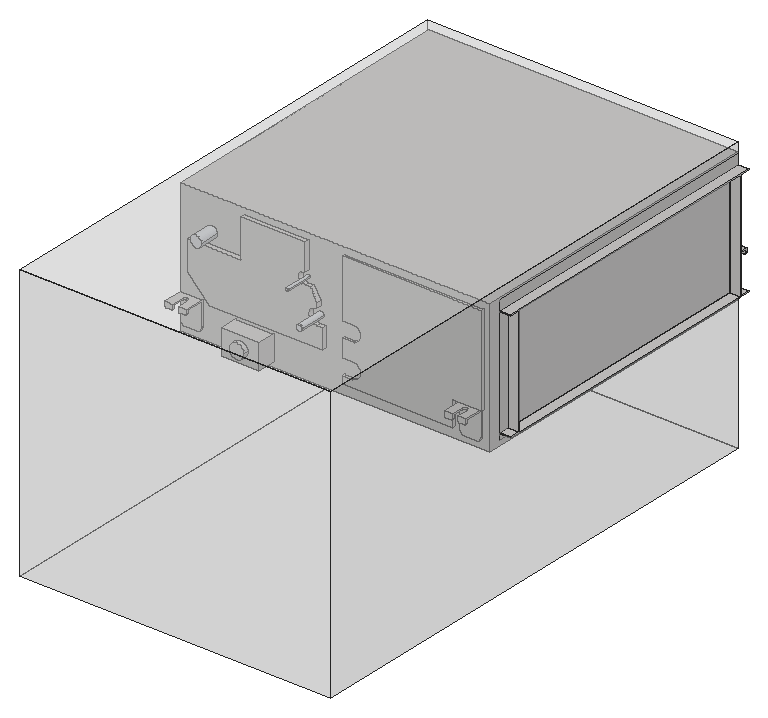
Revit family "outputfile", category 機械設備, Revit 2024
Family settings
  丸型コネクタ寸法 = 半径を使用
  パーツ タイプ = 標準
  OmniClass 番号 = 23.75.10.24.21.27.27
  OmniClass タイトル = Split System Air Conditioning Units
  作業面ベース = いいえ
  常に垂直 = はい
  ロード時にボイドで切り取り = いいえ
  注釈の向きを維持 = いいえ
  共有 = いいえ
  部屋計算ポイント = はい
Parameters (values of type "FXMQ40PAV4")
  Description = ""
  製造元 = "Daikin"
  書き出し IFC クラス(タイプ) = "IfcUnitaryEquipmentType"
  定義済み IFC タイプ(タイプ) = "AIRCONDITIONINGUNIT"
  Cost = 0
  モデル = "FXMQ40PAV4"
  Type Comments = ""
  Keynote = ""
  Type Image = (empty or 0)
  Assembly Code = ""
  r_Liquid Pipe Size = Liquid Pipe Size / 2  # 3.2 mm
  r_Gas Pipe Size = Gas Pipe Size / 2  # 6.35 mm
  r_Drain Pipe Size = Drain Pipe Size / 2  # 12.5 mm
  lw_power = 396.0 mm  # constant formula
  lh_SA = 165.0 mm  # constant formula
  lw_SA = if(Depth = 550.0 mm, 210.0 mm, if(Depth = 700.0 mm, 285.0 mm, if(Depth = 1000.0 mm, 435.0 mm, 635.0 mm)))  # 285.0 mm
  lw_RA = if(Depth = 550.0 mm, 288.0 mm, if(Depth = 700.0 mm, 363.0 mm, if(Depth = 1000.0 mm, 513.0 mm, 713.0 mm)))  # 363.0 mm
  lh_power = 60.0 mm + [h***]  # 60.0 mm
  lh_mountinghole1 = lh_mountinghole + [h***]  # 80.0 mm
  lh_RA = 150.0 mm  # constant formula
  ld_power = Depth / 2  # 350.0 mm
  Voltage_comment_60Hz = "220"
  Voltage_comment_50Hz = "220-240"
  Voltage_60Hz = 220 V
  Voltage_50Hz = 220 V
  URL = ""
  Supply Air Direction [instance] = yes
  Sound Power Level_H speed (dB) = 57
  Phase_60Hz = 1
  Phase_50Hz = 1
  Minimum External Static Pressure = 50.00 Pa
  Minimum Circuit Amps_60Hz = 1.4 A
  Minimum Circuit Amps_50Hz = 1.4 A
  Maximum Fuse Amps_60Hz = 16.0 A
  Maximum Fuse Amps_50Hz = 16.0 A
  Maximum External Static Pressure = 160.00 Pa
  Material_Casing = DAIKIN_GalvanizedSteel_Casing_indoorunit
  lw_mountinghole = 631.0 mm  # constant formula
  lh_gaspipe = 144.0 mm + [h***]  # 144.0 mm
  lh_mountinghole = 80.0 mm  # constant formula
  lh_liquidpipe = 212.0 mm + [h***]  # 212.0 mm
  lh_drainpipe = 232.0 mm + [h***]  # 232.0 mm
  lh_antena = Height - lh_mountinghole + 1.0 mm  # 221.0 mm
  ld_drainpipe = Depth / 2 + 54.0 mm  # 404.0 mm
  ld_liquidpipe = 410.0 mm
  ld_gaspipe = 410.0 mm
  ld_mountinghole = Depth + 38.0 mm  # 738.0 mm
  h*** = 0.0 mm  # constant formula
  lw_liquidpipe = 290.0 mm  # constant formula
  lw_gaspipe = 318.0 mm  # constant formula
  lw_drainpipe = 80.0 mm  # constant formula
  Width = 700.0 mm
  Version = "ver.1.0"
  Unit Type = "Middle-High Static Pressure Duct Type"
  Unit Mass Weight = 27.00 kg
  Unit Designation [instance] = ""
  Uniclass2015Version = "Products v1.30"
  Uniclass2015Title = "Variable refrigerant flow units"
  Uniclass2015Code = "Pr_70_65_03_94"
  Total Heating Capacity [instance] = 0.000 kW
  Total Cooling Capacity [instance] = 0.000 kW
  Sound Pressure Level_M speed (dBA) = 0
  Sound Pressure Level_L speed (dBA) = 35
  Sound Pressure Level_H speed (dBA) = 39
  Series = "VRV Fan Coil Unit"
  Sensible Cooling Capacity [instance] = 0.000 kW
  SA Duct Size Width = if(Depth = 550.0 mm, 310.0 mm, if(Depth = 700.0 mm, 460.0 mm, if(Depth = 1000.0 mm, 760.0 mm, 1160.0 mm)))  # 460.0 mm
  SA Duct Size Height = 215.0 mm
  Refrigerant Type = "R410A"
  RA Duct Size Width = if(Depth = 550.0 mm, 475.0 mm, if(Depth = 700.0 mm, 625.0 mm, if(Depth = 1000.0 mm, 925.0 mm, 1325.0 mm)))  # 625.0 mm
  RA Duct Size Height = 247.0 mm
  Power Input (Heating) = 0.182 kW
  Power Input (Cooling) = 0.194 kW
  Option Accessory 3 [instance] = ""
  Option Accessory 2 [instance] = ""
  Option Accessory 1 [instance] = ""
  Nominal Heating Capacity = 5.000 kW
  Nominal Cooling Capacity = 4.500 kW
  Minimum Airflow = 660.00 m³/h
  Median Airflow = 780.00 m³/h
  Maximum Airflow = 960.00 m³/h
  Load Classification = HVAC
  Liquid Pipe Size = 6.4 mm
  Link_Nested Family [instance] = ""
  IfcVersion = "0"
  IfcExportType = "AIRCONDITIONINGUNIT"
  IfcExportAs = "IfcUnitaryEquipmentType"
  Height = 300.0 mm
  Heating Entering Wet Bulb Temperature [instance] = 0.00 °C
  Heating Entering Dry Bulb Temperature [instance] = 0.00 °C
  Heating Ambient Wet Bulb Temperature [instance] = 0.00 °C
  Heating Ambient Dry Bulb Temperature [instance] = 0.00 °C
  Heat Exchanger Type = "Cross Fin Coil"
  Gas Pipe Size = 12.7 mm
  Frequency_60Hz = 60 Hz
  Frequency_50Hz = 50 Hz
  Fan Type = "Sirocco Fan"
  Fan Drive = "Direct Drive"
  FCU Tag No. [instance] = ""
  Drain Pipe Size = 25.0 mm
  Design Supply Airflow [instance] = 0.00 m³/h
  Design Return Airflow [instance] = 0.00 m³/h
  Design External Static Pressure [instance] = 0.00 Pa
  Depth = 700.0 mm
  既定の高さ = 0.0 mm
  Cooling Entering Wet Bulb Temperature [instance] = 0.00 °C
  Cooling Entering Dry Bulb Temperature [instance] = 0.00 °C
  Cooling Ambient Wet Bulb Temperature [instance] = 0.00 °C
  Cooling Ambient Dry Bulb Temperature [instance] = 0.00 °C
  Clearance visibility [instance] = yes
  Clearance Top = 20.0 mm
  Clearance Right = 0.0 mm
  Clearance Rear = 0.0 mm
  Clearance Left = 0.0 mm
  Clearance Front = 450.0 mm
  Clearance Bottom = 300.0 mm
Reference planes
  plane 1 "Center (Front/Back)": y = 0
  plane 2 "h": z = 0
  plane 3 "Center (Left/Right)": x = 0
  plane 4 "Back": y = 350
  plane 5 "Front": y = -350
  plane 6 "Left": x = -350
  plane 7 "Reight": x = 350
  plane 8 "Top": z = 0
  plane 9 "Bottom": z = -300
  plane 10: y = -215
  plane 11: y = 350
  plane 12: y = -800
  plane 13: x = -350
  plane 14: x = 350
  plane 15: z = 20
  plane 16: z = -600
  plane 17: x = -350
  plane 18: z = -135
  plane 19: x = -349
  plane 20: x = 349
  plane 21: y = 65
  plane 22: y = 13
  plane 23: z = -150
  plane 24: y = -360.8
  plane 25: z = -14
  plane 26: z = -219
  plane 27: x = -324
  plane 28: x = -60
  plane 29: x = -20
  plane 30: z = -156
  plane 31: x = -32
  plane 32: z = -88
  plane 33: x = 23
  plane 34: x = 335
  plane 35: z = -15.8
  plane 36: z = -274.8
  plane 37: z = -219.8
  plane 38: x = 271
  plane 39: x = -223.3
  plane 40: x = -138.3
  plane 41: z = -232.7
  plane 42: z = -288.5
  plane 43: y = -391
  plane 44: x = -181
  plane 45: z = -260
  plane 46: y = -401
  plane 47: z = -163.8
  plane 48: z = -239.8
  plane 49: x = 46
  plane 50: z = -88
  plane 51: x = -60
  plane 52: y = -410
  plane 53: z = -156
  plane 54: x = -32
  plane 55: y = -404
  plane 56: z = -68
  plane 57: x = -270
  plane 58: x = -270
  plane 59: x = -60
  plane 60: x = -32
  plane 61: x = 46
  plane 62: x = -323
  plane 63: x = 308
  plane 64: y = -369
  plane 65: y = 369
  plane 66: z = -220
  plane 67: y = -356
  plane 68: x = -204
  plane 69: z = -100.2
  plane 70: x = -374
  plane 71: x = 374
Forms (mm)
  Extrusion 1, solid, material "DAIKIN_GalvanizedSteel_Casing_indoorunit" <- "Material_Casing"
    sketch origin (0, 0, 0) x (1, 0, 0) y (0, 1, 0)
      loop
        line (-349, 350) -> (-349, -350) -> (349, -350) -> (349, 350) -> (-349, 350)
    from -300 to 0
  Extrusion 2, solid, material "DAIKIN_GalvanizedSteel_Casing_indoorunit" <- "Material_Casing"
    sketch origin (0, 0, 0) x (1, 0, 0) y (0, 0, 1)
      loop
        line (-324, -100.2) -> (-324, -168) -> (-273, -219) -> (-20, -219) -> (-20, -173.5) -> (-32, -173.5)
        arc (-32, -173.5) -> (-49.5, -156) -> (-32, -138.5) r 17.5
        line (-32, -138.5) -> (-32, -127.5) -> (-47, -101) -> (-60, -101)
        arc (-60, -101) -> (-73, -88) -> (-60, -75) r 13
        line (-60, -75) -> (-60, -14) -> (-204, -14) -> (-204, -100.2) -> (-324, -100.2)
    from 350 to 360.8
  Extrusion 3, solid, material "DAIKIN_GalvanizedSteel_Casing_indoorunit" <- "Material_Casing"
    sketch origin (0, 0, 0) x (1, 0, 0) y (0, 0, 1)
      loop
        line (23, -274.8) -> (271, -274.8) -> (271, -219.8) -> (335, -219.8) -> (335, -15.8) -> (23, -15.8) -> (23, -146.3) -> (46, -146.3)
        arc (46, -146.3) -> (63.5, -163.8) -> (46, -181.3) r 17.5
        line (46, -181.3) -> (23, -181.3) -> (23, -222.3) -> (46, -222.3)
        arc (46, -222.3) -> (63.5, -239.8) -> (46, -257.3) r 17.5
        line (46, -257.3) -> (23, -257.3) -> (23, -274.8)
    from 350 to 356
  Extrusion 4, solid, material "DAIKIN_GalvanizedSteel_Casing_indoorunit" <- "Material_Casing"
    sketch origin (0, 0, 0) x (1, 0, 0) y (0, 0, 1)
      loop
        line (-223.3, -232.7) -> (-223.3, -288.5) -> (-138.3, -288.5) -> (-138.3, -232.7) -> (-223.3, -232.7)
    from 350 to 391
  Extrusion 5, solid, material "DAIKIN_GalvanizedSteel_Casing_indoorunit" <- "Material_Casing"
    sketch origin (0, 0, 0) x (1, 0, 0) y (0, 0, 1)
      loop
        circle (-181, -260) r 16.5
    from 391 to 401
  Extrusion 6, solid
    sketch origin (0, 0, 0) x (1, 0, 0) y (0, 0, 1)
      loop
        circle (-60, -88) r 3.2
    from 350 to 410
  Extrusion 7, solid
    sketch origin (0, 0, 0) x (1, 0, 0) y (0, 0, 1)
      loop
        circle (-32, -156) r 6.35
    from 350 to 410
  Extrusion 8, solid
    sketch origin (0, 0, 0) x (1, 0, 0) y (0, 0, 1)
      loop
        circle (-270, -68) r 12.5
    from 360.8 to 404
Dimensions and locks
  "Height": plane 8 "Top" to plane 9 "Bottom"
  equal spacing: plane 4 "Back", plane 1 "Center (Front/Back)", plane 5 "Front"
  "Depth": plane 4 "Back" to plane 5 "Front"
  equal spacing: plane 6 "Left", plane 3 "Center (Left/Right)", plane 7 "Reight"
  "Width": plane 6 "Left" to plane 7 "Reight"
  "Clearance Left": plane 13 to plane 6 "Left"
  "Clearance Right": plane 7 "Reight" to plane 14
  "Clearance Rear": plane 11 to plane 4 "Back"
  "Clearance Front": plane 5 "Front" to plane 12
  "Clearance Top": plane 15 to plane 8 "Top"
  "Clearance Bottom": plane 9 "Bottom" to plane 16
  "lh_SA": plane 18 to plane 9 "Bottom"
  locked: plane 17 to plane 19 at 1
  locked: plane 20 to plane 14 at 1
  "lw_SA": plane 11 to plane 21
  "lw_RA": plane 22 to plane 5 "Front"
  "lh_RA": plane 23 to plane 9 "Bottom"
  locked: plane 5 "Front" to plane 24 at 10.8
  plane 29 to plane 28 to plane 27 to plane 6 "Left" = 40.0 mm, 264.0 mm, 26.0 mm
  locked: plane 31 to plane 6 "Left" at 318
  plane 34 to plane 33 to plane 6 "Left" = 312.0 mm locked, 373.0 mm locked
  locked: plane 34 to plane 38 at 64
  locked: plane 37 to plane 36 at 55
  plane 40 to plane 39 to plane 6 "Left" = 85.0 mm locked, 126.7 mm locked
  locked: plane 5 "Front" to plane 43 at 41
  locked: plane 44 to plane 6 "Left" at 169
  locked: plane 43 to plane 46 at 10
  plane 47 to plane 48 to plane 36 = 76.0 mm locked, 35.0 mm locked
  locked: plane 49 to plane 33 at 23
  "lw_liquidpipe": plane 51 to plane 6 "Left"
  "lh_liquidpipe": plane 50 to plane 9 "Bottom"
  "lh_gaspipe": plane 53 to plane 9 "Bottom"
  "lw_gaspipe": plane 54 to plane 6 "Left"
  "ld_gaspipe": plane 52 to plane 1 "Center (Front/Back)"
  "ld_drainpipe": plane 55 to plane 1 "Center (Front/Back)"
  "lh_drainpipe": plane 56 to plane 9 "Bottom"
  "lw_drainpipe": plane 57 to plane 6 "Left"
  "lw_drainpipe": plane 6 "Left" to plane 58
  "lw_liquidpipe": plane 6 "Left" to plane 59
  "lw_gaspipe": plane 6 "Left" to plane 60
  "lw_power": plane 6 "Left" to plane 61
  plane 17 to plane 62 = 27.0 mm
  "lw_mountinghole": plane 62 to plane 63
  equal spacing: plane 64, plane 1 "Center (Front/Back)", plane 65
  "ld_mountinghole": plane 65 to plane 64
  "lh_mountinghole": plane 66 to plane 9 "Bottom"
  plane 8 "Top" to plane 41 to plane 42 = 232.7 mm locked, 55.8 mm locked
  locked: plane 8 "Top" to plane 45 at 260
  plane 8 "Top" to plane 25 to plane 26 = 14.0 mm locked, 205.0 mm locked
  plane 8 "Top" to plane 32 to plane 30 = 88.0 mm locked, 68.0 mm locked
  plane 8 "Top" to plane 35 to plane 36 = 15.8 mm locked, 259.0 mm locked
  locked: plane 5 "Front" to plane 67 at 6
  locked: plane 25 to plane 69 at 86.2
  locked: plane 27 to plane 68 at 120
  locked: plane 70 to plane 6 "Left" at 24
  locked: plane 14 to plane 71 at 24
  "r_Liquid Pipe Size": radius of Extrusion 6 sketch curve
  "r_Gas Pipe Size": radius of Extrusion 7 sketch curve
  "r_Drain Pipe Size": radius of Extrusion 8 sketch curve
  aligned and locked: level to plane 2 "h"
  aligned and locked: plane 8 "Top" to Extrusion 1
  aligned and locked: Extrusion 1 to plane 9 "Bottom"
  aligned and locked: nested 5 to plane 12
  aligned and locked: plane 13 to nested 5
  aligned and locked: plane 14 to nested 5
  aligned and locked: nested 5 to plane 13
  aligned and locked: plane 11 to nested 5
  aligned and locked: plane 15 to nested 5
  aligned and locked: plane 16 to nested 5
  aligned and locked: plane 5 "Front" to Extrusion 1 sketch curve
  aligned and locked: Extrusion 1 to plane 19
  aligned and locked: plane 20 to Extrusion 1
  aligned and locked: nested 7 to plane 19
  aligned and locked: nested 7 to plane 21
  aligned and locked: plane 18 to nested 7
  aligned and locked: plane 20 to nested 8
  aligned and locked: plane 22 to nested 8
  aligned and locked: plane 23 to nested 8
  aligned and locked: Extrusion 2 to plane 24
  aligned and locked: plane 5 "Front" to Extrusion 2
  aligned and locked: plane 36 to Extrusion 3 sketch curve
  aligned and locked: plane 38 to Extrusion 3 sketch curve
  aligned and locked: plane 37 to Extrusion 3 sketch curve
  aligned and locked: Extrusion 3 sketch curve to plane 34
  aligned and locked: Extrusion 3 sketch curve to plane 35
  aligned and locked: Extrusion 3 sketch curve to plane 33
  aligned and locked: plane 5 "Front" to Extrusion 3
  aligned and locked: Extrusion 4 sketch curve to plane 41
  aligned and locked: Extrusion 4 sketch curve to plane 39
  aligned and locked: plane 42 to Extrusion 4 sketch curve
  aligned and locked: plane 40 to Extrusion 4 sketch curve
  aligned and locked: Extrusion 4 to plane 43
  aligned and locked: plane 5 "Front" to Extrusion 4
  aligned and locked: Extrusion 5 sketch curve to plane 44
  aligned and locked: plane 45 to Extrusion 5 sketch curve
  aligned and locked: Extrusion 5 to plane 46
  aligned and locked: plane 43 to Extrusion 5
  aligned and locked: Extrusion 6 sketch curve to plane 51
  aligned and locked: plane 50 to Extrusion 6 sketch curve
  aligned and locked: Extrusion 6 to plane 52
  aligned and locked: plane 5 "Front" to Extrusion 6
  aligned and locked: Extrusion 7 sketch curve to plane 54
  aligned and locked: plane 53 to Extrusion 7 sketch curve
  aligned and locked: Extrusion 7 to Extrusion 6
  aligned and locked: plane 5 "Front" to Extrusion 7
  aligned and locked: Extrusion 8 sketch curve to plane 57
  aligned and locked: plane 56 to Extrusion 8 sketch curve
  aligned and locked: Extrusion 8 to plane 55
  aligned and locked: plane 24 to Extrusion 8
  aligned and locked: nested 3 to plane 55
  aligned and locked: plane 58 to nested 3
  aligned and locked: nested 2 to plane 59
  aligned and locked: nested 2 to plane 52
  aligned and locked: nested 1 to plane 60
  aligned and locked: Extrusion 7 to plane 52
  aligned and locked: nested 1 to plane 52
  aligned and locked: nested 6 to plane 5 "Front"
  aligned and locked: nested 6 to plane 61
  aligned and locked: plane 62 to nested 10
  aligned and locked: nested 10 to plane 5 "Front"
  aligned and locked: plane 63 to nested 9
  aligned and locked: nested 9 to plane 5 "Front"
  aligned and locked: nested 11 to plane 62
  aligned and locked: plane 4 "Back" to nested 11
  aligned and locked: nested 12 to plane 63
  aligned and locked: plane 4 "Back" to nested 12
  aligned and locked: plane 66 to nested 10
  aligned and locked: plane 66 to nested 11
  aligned and locked: plane 66 to nested 9
  aligned and locked: plane 66 to nested 12
  aligned and locked: plane 62 to nested 14
  aligned and locked: nested 14 to plane 65
  aligned and locked: plane 63 to nested 13
  aligned and locked: nested 13 to plane 65
  aligned and locked: plane 63 to nested 16
  aligned and locked: plane 64 to nested 16
  aligned and locked: plane 64 to nested 15
  aligned and locked: plane 62 to nested 15
  aligned and locked: Extrusion 3 to plane 67
  aligned and locked: Extrusion 2 sketch curve to plane 68
  aligned and locked: plane 69 to Extrusion 2 sketch curve
  aligned and locked: nested 17 to plane 21
  aligned and locked: nested 17 to plane 70
  aligned and locked: plane 18 to nested 17
  aligned and locked: plane 22 to nested 18
  aligned and locked: plane 71 to nested 18
  aligned and locked: nested 18 to plane 23
  aligned and locked: nested 4 to plane 3 "Center (Left/Right)"
  aligned and locked: plane 1 "Center (Front/Back)" to nested 4
  aligned and locked: level to plane 8 "Top"
Automatic sketch dimensions
  plane 6 "Left" to Extrusion 1 sketch curve = 1.0 mm
  Extrusion 1 sketch curve to plane 7 "Reight" = 1.0 mm
  Extrusion 1 sketch curve to plane 4 "Back" = 0.0 mm
  Extrusion 3 sketch curve to plane 33 = 0.0 mm  (x2)
  Extrusion 3 sketch curve to plane 47 = 0.0 mm
  Extrusion 3 sketch curve to plane 49 = 0.0 mm  (x4)
  Extrusion 3 sketch curve to plane 48 = 0.0 mm
  Extrusion 3 sketch curve to plane 37 = 2.5 mm
  plane 23 to Extrusion 3 sketch curve = 3.7 mm
  plane 27 to Extrusion 2 sketch curve = 0.0 mm
  Extrusion 2 sketch curve to plane 26 = 0.0 mm
  Extrusion 2 sketch curve to plane 28 = 0.0 mm
  Extrusion 2 sketch curve to plane 31 = 0.0 mm
  Extrusion 2 sketch curve to plane 29 = 0.0 mm
  Extrusion 2 sketch curve to plane 30 = 0.0 mm
  Extrusion 2 sketch curve to plane 32 = 0.0 mm
  Extrusion 2 sketch curve to plane 25 = 0.0 mm
  Extrusion 2 sketch curve to Extrusion 2 sketch curve = 13.0 mm
  Extrusion 2 sketch curve to Extrusion 2 sketch curve = 17.5 mm
  plane 18 to Extrusion 2 sketch curve = 7.5 mm
  Extrusion 2 sketch curve to plane 58 = 3.0 mm
  Extrusion 2 sketch curve to plane 30 = 12.0 mm
  Extrusion 2 sketch curve to Extrusion 2 sketch curve = 0.8 mm
  radius of Extrusion 5 sketch curve = 16.5 mm
Nested families
  nested 1: "daikin_connector_rotate2" at (-32, 0, -156), length <- "ld_gaspipe", built-in parameter 1001364 <- "lh_gaspipe", radius <- "r_Gas Pipe Size", type "daikin_connector_rotate2"
    with radius 6.35 mm, length 410.0 mm, angle_vertical 90.00°
  nested 2: "daikin_connector_rotate2" at (-60, 0, -88), length <- "ld_liquidpipe", built-in parameter 1001364 <- "lh_liquidpipe", radius <- "r_Liquid Pipe Size", type "daikin_connector_rotate2"
    with radius 3.2 mm, length 410.0 mm, angle_vertical 90.00°
  nested 3: "daikin_connector_rotate2" at (-270, 0, -68), length <- "ld_drainpipe", built-in parameter 1001364 <- "lh_drainpipe", radius <- "r_Drain Pipe Size", type "daikin_connector_rotate2"
    with radius 12.5 mm, length 404.0 mm, angle_vertical 90.00°
  nested 4: "daikin_△_symbolicline" at (0, 0, 300) x (0, -1, 0) z (0, 0, 1), built-in parameter 1001364 <- "Height", visible <- "Supply Air Direction", type "daikin_△_symbolicline"
    with length 200.0 mm
  nested 5: "daikin_clearancespace" at (0, -225, -289.881), visible <- "Clearance visibility", show <- "Clearance visibility", Link_Nested Family <- "Link_Nested Family", type "daikin_clearancespace"
    with width 700.0 mm, show yes, height 620.0 mm, depth 1150.0 mm, Link_Nested Family ""
  nested 6: "daikin_connector_rotate2" at (46, 0, -240), built-in parameter 1001364 <- "lh_power", length <- "ld_power", type "daikin_connector_rotate2"
    with radius 10.0 mm, length 350.0 mm, angle_vertical 90.00°
  nested 7: "daikin_ductflange_FXMQ-PAV4_2" at (-349, 65, -135) x (0, -1, 0) z (0, 0, 1), type "daikin_ductflange_FXMQ-PAV4_2"
    with width 460.0 mm, w 700.0 mm
  nested 8: "daikin_ductflange_FXMQ-PAV4_1" at (349, 13, -150) x (0, 1, 0) z (0, 0, 1), type "daikin_ductflange_FXMQ-PAV4_1"
    with width 625.0 mm, w 700.0 mm
  nested 9: "daikin_hangerfixture_FXMQ-PAV4" at (308, -350, -220), type "daikin_hangerfixture_FXMQ-PAV4"
  nested 10: "daikin_hangerfixture_FXMQ-PAV4" at (-323, -350, -220), type "daikin_hangerfixture_FXMQ-PAV4"
  nested 11: "daikin_hangerfixture_FXMQ-PAV4" at (-323, 350, -220) x (-1, 0, 0) z (0, 0, 1), type "daikin_hangerfixture_FXMQ-PAV4"
  nested 12: "daikin_hangerfixture_FXMQ-PAV4" at (308, 350, -220) x (-1, 0, 0) z (0, 0, 1), type "daikin_hangerfixture_FXMQ-PAV4"
  nested 13: "daikin_mountinghole" at (308, 369, -300), h_mountinghole <- "lh_mountinghole1", l_antenna <- "lh_antena", Link_Nested Family <- "Link_Nested Family", type "daikin_mountinghole"
    with show yes, l_antenna 221.0 mm, h_mountinghole 80.0 mm, Link_Nested Family ""
  nested 14: "daikin_mountinghole" at (-323, 369, -300), h_mountinghole <- "lh_mountinghole1", l_antenna <- "lh_antena", Link_Nested Family <- "Link_Nested Family", type "daikin_mountinghole"
    with show yes, l_antenna 221.0 mm, h_mountinghole 80.0 mm, Link_Nested Family ""
  nested 15: "daikin_mountinghole" at (-323, -369, -300), h_mountinghole <- "lh_mountinghole1", l_antenna <- "lh_antena", Link_Nested Family <- "Link_Nested Family", type "daikin_mountinghole"
    with show yes, l_antenna 221.0 mm, h_mountinghole 80.0 mm, Link_Nested Family ""
  nested 16: "daikin_mountinghole" at (308, -369, -300), h_mountinghole <- "lh_mountinghole1", l_antenna <- "lh_antena", Link_Nested Family <- "Link_Nested Family", type "daikin_mountinghole"
    with show yes, l_antenna 221.0 mm, h_mountinghole 80.0 mm, Link_Nested Family ""
  nested 17: "daikin_connector_rotate2" at (-350, 65, -135) x (0, -1, 0) z (0, 0, 1), type "daikin_connector_rotate2"
    with radius 10.0 mm, length 24.0 mm, angle_vertical 90.00°
  nested 18: "daikin_connector_rotate2" at (350, 13, -150) x (0, 1, 0) z (0, 0, 1), type "daikin_connector_rotate2"
    with radius 10.0 mm, length 24.0 mm, angle_vertical 90.00°
Connectors
  piping at (-270, -404, -68), diameter 25, driven by "r_Drain Pipe Size"
    settings: on nested 3, index 3, connector inside diameter 609.6 mm, connector length 0.0 mm, flow factor 0, pipe flow 0.00 m³/h, pressure drop 0.0 Pa, fitting loss kfactor 0, connector angle 0.00°, fixture units 0, engagement length 0.0 mm, angle of deflection 0.00°, flow configuration 1, flow direction 2, fitting loss method 4, system type 16, joint type 0, gender type 0, connector reference index -1, connector utility 0, adjustable connector no, is connector primary yes, connector description "Condensate Drain Piping"
  piping at (-32, -410, -156), diameter 12.7, driven by "r_Gas Pipe Size"
    settings: on nested 1, index 4, connector inside diameter 609.6 mm, connector length 0.0 mm, flow factor 0, pipe flow 0.00 m³/h, pressure drop 0.0 Pa, fitting loss kfactor 0, connector angle 0.00°, fixture units 0, engagement length 0.0 mm, angle of deflection 0.00°, flow configuration 1, flow direction 2, fitting loss method 0, system type 29, joint type 0, gender type 0, connector reference index -1, connector utility 0, adjustable connector no, is connector primary no, connector description "Refrigerant Gas Piping"
  piping at (-60, -410, -88), diameter 6.4, driven by "r_Liquid Pipe Size"
    settings: on nested 2, index 5, connector inside diameter 609.6 mm, connector length 0.0 mm, flow factor 0, pipe flow 0.00 m³/h, pressure drop 0.0 Pa, fitting loss kfactor 0, connector angle 0.00°, fixture units 0, engagement length 0.0 mm, angle of deflection 0.00°, flow configuration 1, flow direction 1, fitting loss method 0, system type 29, joint type 0, gender type 0, connector reference index -1, connector utility 0, adjustable connector no, is connector primary no, connector description "Refrigerant Liquid Piping"
  electrical at (46, -350, -240), driven by "Load Classification"
    settings: on nested 6, index 6, voltage 0 V, apparent load 0 VA, apparent load phase1 0 VA, apparent load phase2 0 VA, apparent load phase3 0 VA, power factor 1, load classification "HVAC", number of poles 1, system type 30, power factor state 1, is connector primary yes, connector utility no, sub classification motor no, connector description "Power Supply"
  hvac at (-374, 65, -135), driven by "SA Duct Size Height", driven by "SA Duct Size Width"
    settings: on nested 17, index 7, duct flow 0.00 m³/h, flow factor 0, pres drop 0.00 Pa, loss coef 0, conn angle 0.00°, conn width 460.0 mm, conn height 215.0 mm, conn diameter 609.6 mm, duct sys type 1, conn prof type 1, flow config 0, flow direction 2, loss method 4, conn ref index -1, conn util no, is conn primary yes, conn desc "SA Duct"
  hvac at (374, 13, -150), driven by "RA Duct Size Height", driven by "RA Duct Size Width"
    settings: on nested 18, index 8, duct flow 0.00 m³/h, flow factor 0, pres drop 0.00 Pa, loss coef 0, conn angle 0.00°, conn width 625.0 mm, conn height 247.0 mm, conn diameter 609.6 mm, duct sys type 2, conn prof type 1, flow config 0, flow direction 1, loss method 4, conn ref index -1, conn util no, is conn primary no, conn desc "RA Duct"
Definition of nested family "daikin_clearancespace"
  Parameters (values of type "daikin_clearancespace")
    width [instance] = 1823.963 mm
    show [instance] = yes
    material = none
    height [instance] = 1359.762 mm
    depth [instance] = 880.0 mm
    Default Elevation = 0.0 mm
    Link_Nested Family [instance] = ""
  Reference planes
    plane 1 "Center (Front/Back)": y = 0
    plane 2 "Center (Elevation)": z = -0.119
    plane 3 "Center (Left/Right)": x = 0
    plane 4: y = 440
    plane 5: y = -440
    plane 6 "Right": x = 911.982
    plane 7 "Left": x = -911.982
    plane 8 "Top": z = 679.762
    plane 9 "Bottom": z = -680
  Forms (mm)
    Extrusion 1, solid, material <- "material", visible <- "show"
      sketch origin (0, 0, 0) x (1, 0, 0) y (0, 1, 0)
        loop
          line (-911.982, 440) -> (-911.982, -440) -> (911.982, -440) -> (911.982, 440) -> (-911.982, 440)
      from -680 to 679.762
  Lines and regions (mm)
    symbolic lines, visible <- "show"
      curve 1: line (911.982, 440, 0) -> (-911.982, 440, 0)
      curve 2: line (-911.982, 440, 0) -> (-911.982, -440, 0)
      curve 3: line (-911.982, -440, 0) -> (911.982, -440, 0)
      curve 4: line (911.982, -440, 0) -> (911.982, 440, 0)
      curve 5: line (911.982, 0, 679.762) -> (-911.982, 0, 679.762)
      curve 6: line (911.982, 0, -680) -> (911.982, 0, 679.762)
      curve 7: line (-911.982, 0, -680) -> (911.982, 0, -680)
      curve 8: line (-911.982, 0, 679.762) -> (-911.982, 0, -680)
      curve 9: line (0, 440, 679.762) -> (0, -440, 679.762)
      curve 10: line (0, -440, 679.762) -> (0, -440, -680)
      curve 11: line (0, 440, -680) -> (0, 440, 679.762)
      curve 12: line (0, -440, -680) -> (0, 440, -680)
  Dimensions and locks
    "width": plane 7 "Left" to plane 6 "Right"
    "depth": plane 4 to plane 5
    "height": plane 8 "Top" to plane 9 "Bottom"
    equal spacing: plane 7 "Left", plane 3 "Center (Left/Right)", plane 6 "Right"
    equal spacing: plane 4, plane 1 "Center (Front/Back)", plane 5
    equal spacing: plane 8 "Top", plane 2 "Center (Elevation)", plane 9 "Bottom"
    aligned and locked: level to plane 2 "Center (Elevation)"
    aligned and locked: Extrusion 1 sketch curve to plane 4
    aligned and locked: plane 7 "Left" to Extrusion 1 sketch curve
    aligned and locked: Extrusion 1 sketch curve to plane 5
    aligned and locked: Extrusion 1 sketch curve to plane 6 "Right"
    aligned and locked: plane 8 "Top" to Extrusion 1
    aligned and locked: curve 1 to Extrusion 1
    aligned and locked: curve 2 to Extrusion 1
    aligned and locked: curve 3 to Extrusion 1
    aligned and locked: curve 4 to Extrusion 1
    aligned and locked: curve 5 to Extrusion 1
    aligned and locked: curve 6 to Extrusion 1
    aligned and locked: curve 7 to Extrusion 1
    aligned and locked: curve 8 to Extrusion 1
    aligned and locked: curve 9 to Extrusion 1
    aligned and locked: curve 10 to Extrusion 1
    aligned and locked: curve 11 to Extrusion 1
    aligned and locked: curve 12 to Extrusion 1
    aligned and locked: Extrusion 1 to plane 9 "Bottom"
Definition of nested family "daikin_ductflange_FXMQ-PAV4_2"
  Parameters (values of type "daikin_ductflange_FXDSQ-AVM2")
    width = if(w = 550.0 mm, 310.0 mm, if(w = 700.0 mm, 460.0 mm, if(w = 1000.0 mm, 760.0 mm, 1160.0 mm)))  # 310.0 mm
    material = none
    height = 215.0 mm
    depth = 1.0 mm
    w = 550.0 mm
    Default Elevation = 0.0 mm
  Reference planes
    plane 1 "Center (Front/Back)": y = 0
    plane 2: z = 0
    plane 3 "Center (Left/Right)": x = 0
    plane 4: z = 107.5
    plane 5: z = -107.5
    plane 6: y = -25
    plane 7: z = 132.5
    plane 8: z = 108.5
    plane 9: y = -1
    plane 10: x = -177.5
    plane 11: x = 177.5
    plane 12: z = -132.5
    plane 13: z = -108.5
    plane 14: y = -1
    plane 15: x = 155
    plane 16: x = -155
    plane 17: x = 156
    plane 18: z = 106.5
    plane 19: z = -106.5
    plane 20: x = -156
    plane 21: z = 106.5
    plane 22: z = -106.5
    plane 23: y = -1
  Forms (mm)
    Extrusion 1, solid, material <- "material"
      sketch origin (0, 0, 0) x (0, 1, 0) y (0, 0, 1)
        loop
          line (-25, 107.5) -> (0, 107.5) -> (0, 132.5) -> (-1, 132.5) -> (-1, 108.5) -> (-25, 108.5) -> (-25, 107.5)
      from -177.5 to 177.5
    Extrusion 2, solid, material <- "material"
      sketch origin (0, 0, 0) x (0, 1, 0) y (0, 0, 1)
        loop
          line (-25, -107.5) -> (-25, -108.5) -> (-1, -108.5) -> (-1, -132.5) -> (0, -132.5) -> (0, -107.5) -> (-25, -107.5)
      from -177.5 to 177.5
    Extrusion 3, solid, material <- "material"
      sketch origin (0, 0, 0) x (1, 0, 0) y (0, 0, 1)
        loop
          line (155, 107.5) -> (155, -107.5) -> (177.5, -107.5) -> (177.5, -106.5) -> (156, -106.5) -> (156, 106.5) -> (177.5, 106.5) -> (177.5, 107.5) -> (155, 107.5)
      from 0 to 25
    Extrusion 4, solid, material <- "material"
      sketch origin (0, 0, 0) x (1, 0, 0) y (0, 0, 1)
        loop
          line (-177.5, 107.5) -> (-177.5, 106.5) -> (-156, 106.5) -> (-156, -106.5) -> (-177.5, -106.5) -> (-177.5, -107.5) -> (-155, -107.5) -> (-155, 107.5) -> (-177.5, 107.5)
      from 0 to 25
    Extrusion 5, solid, material <- "material"
      sketch origin (0, 0, 0) x (1, 0, 0) y (0, 0, 1)
        loop
          line (-177.5, 107.5) -> (-177.5, -107.5) -> (-155, -107.5) -> (-155, 107.5) -> (-177.5, 107.5)
        loop
          line (177.5, 107.5) -> (155, 107.5) -> (155, -107.5) -> (177.5, -107.5) -> (177.5, 107.5)
      from 0 to 1
  Cuts and joins
    joined: Extrusion 1, Extrusion 2, Extrusion 3, Extrusion 4, Extrusion 5
  Dimensions and locks
    plane 4 to level to plane 5 = 107.5 mm locked, 107.5 mm locked
    locked: plane 6 to plane 1 "Center (Front/Back)" at 25
    locked: plane 9 to plane 1 "Center (Front/Back)" at 1
    locked: plane 8 to plane 4 at 1
    locked: plane 11 to plane 15 at 22.5
    locked: plane 16 to plane 10 at 22.5
    locked: plane 17 to plane 15 at 1
    locked: plane 4 to plane 18 at 1
    locked: plane 19 to plane 5 at 1
    "width": plane 15 to plane 16
    plane 4 to plane 5 = 215.0 mm
    equal spacing: plane 15, plane 3 "Center (Left/Right)", plane 16
    locked: plane 16 to plane 20 at 1
    locked: plane 4 to plane 21 at 1
    locked: plane 22 to plane 5 at 1
    locked: plane 23 to plane 1 "Center (Front/Back)" at 1
    aligned and locked: level to plane 2
    aligned and locked: Extrusion 1 to plane 10
    aligned and locked: plane 11 to Extrusion 1
    aligned and locked: plane 5 to Extrusion 2
    aligned and locked: Extrusion 2 to plane 1 "Center (Front/Back)"
    aligned and locked: plane 15 to Extrusion 3 sketch curve
    aligned and locked: Extrusion 3 sketch curve to Extrusion 2  (x2)
    aligned and locked: Extrusion 3 sketch curve to plane 11
    aligned and locked: plane 6 to Extrusion 3
    aligned and locked: Extrusion 2 to plane 10
    aligned and locked: plane 11 to Extrusion 2
    aligned and locked: Extrusion 4 sketch curve to Extrusion 1  (x2)
    aligned and locked: plane 5 to Extrusion 4 sketch curve
    aligned and locked: Extrusion 4 sketch curve to plane 16
    aligned and locked: Extrusion 4 sketch curve to plane 22
    aligned and locked: plane 20 to Extrusion 4 sketch curve
    aligned and locked: plane 21 to Extrusion 4 sketch curve
    aligned and locked: Extrusion 4 to plane 1 "Center (Front/Back)"
    aligned and locked: plane 6 to Extrusion 4
    aligned and locked: Extrusion 5 sketch curve to Extrusion 1  (x4)
    aligned and locked: Extrusion 5 sketch curve to Extrusion 4  (x2)
    aligned and locked: Extrusion 5 sketch curve to Extrusion 3  (x2)
    aligned and locked: Extrusion 5 to plane 1 "Center (Front/Back)"
    aligned and locked: plane 23 to Extrusion 5
  Automatic sketch dimensions
    Extrusion 1 sketch curve to plane 6 = 0.0 mm
    Extrusion 1 sketch curve to plane 7 = 0.0 mm
    Extrusion 1 sketch curve to plane 9 = 0.0 mm
    Extrusion 1 sketch curve to plane 1 "Center (Front/Back)" = 0.0 mm
    Extrusion 1 sketch curve to plane 4 = 0.0 mm
    Extrusion 1 sketch curve to plane 8 = 0.0 mm
    Extrusion 2 sketch curve to plane 6 = 0.0 mm
    plane 12 to Extrusion 2 sketch curve = 0.0 mm
    Extrusion 2 sketch curve to plane 14 = 0.0 mm
    Extrusion 2 sketch curve to plane 1 "Center (Front/Back)" = 0.0 mm
    plane 13 to Extrusion 2 sketch curve = 0.0 mm
    Extrusion 2 sketch curve to plane 5 = 0.0 mm
    Extrusion 3 sketch curve to plane 17 = 0.0 mm
    Extrusion 3 sketch curve to plane 19 = 0.0 mm
    Extrusion 3 sketch curve to plane 18 = 0.0 mm
    Extrusion 3 sketch curve to plane 4 = 0.0 mm
    Extrusion 4 sketch curve to plane 10 = 0.0 mm
Definition of nested family "daikin_ductflange_FXMQ-PAV4_1"
  Parameters (values of type "daikin_ductflange_FXDSQ-AVM")
    width = if(w = 550.0 mm, 475.0 mm, if(w = 700.0 mm, 625.0 mm, if(w = 1000.0 mm, 925.0 mm, 1325.0 mm)))  # 475.0 mm
    material = none
    height = 247.0 mm
    depth = 1.0 mm
    w = 550.0 mm
    Default Elevation = 0.0 mm
  Reference planes
    plane 1 "Center (Front/Back)": y = 0
    plane 2: z = 0
    plane 3 "Center (Left/Right)": x = 0
    plane 4: z = 123.5
    plane 5: z = -123.5
    plane 6: y = -25
    plane 7: z = 146.5
    plane 8: z = 124.5
    plane 9: y = -1
    plane 10: x = -260
    plane 11: x = 260
    plane 12: z = -137
    plane 13: z = -124.5
    plane 14: y = -1
    plane 15: x = 237.5
    plane 16: x = -237.5
    plane 17: x = 238.5
    plane 18: z = 122.5
    plane 19: z = -122.5
    plane 20: x = -238.5
    plane 21: z = 122.5
    plane 22: z = -122.5
    plane 23: y = -1
  Forms (mm)
    Extrusion 1, solid, material <- "material"
      sketch origin (0, 0, 0) x (0, 1, 0) y (0, 0, 1)
        loop
          line (-25, 123.5) -> (0, 123.5) -> (0, 146.5) -> (-1, 146.5) -> (-1, 124.5) -> (-25, 124.5) -> (-25, 123.5)
      from -260 to 260
    Extrusion 2, solid, material <- "material"
      sketch origin (0, 0, 0) x (0, 1, 0) y (0, 0, 1)
        loop
          line (-25, -123.5) -> (-25, -124.5) -> (-1, -124.5) -> (-1, -137) -> (0, -137) -> (0, -123.5) -> (-25, -123.5)
      from -260 to 260
    Extrusion 3, solid, material <- "material"
      sketch origin (0, 0, 0) x (1, 0, 0) y (0, 0, 1)
        loop
          line (237.5, 123.5) -> (237.5, -123.5) -> (260, -123.5) -> (260, -122.5) -> (238.5, -122.5) -> (238.5, 122.5) -> (260, 122.5) -> (260, 123.5) -> (237.5, 123.5)
      from 0 to 25
    Extrusion 4, solid, material <- "material"
      sketch origin (0, 0, 0) x (1, 0, 0) y (0, 0, 1)
        loop
          line (-260, 123.5) -> (-260, 122.5) -> (-238.5, 122.5) -> (-238.5, -122.5) -> (-260, -122.5) -> (-260, -123.5) -> (-237.5, -123.5) -> (-237.5, 123.5) -> (-260, 123.5)
      from 0 to 25
    Extrusion 5, solid, material <- "material"
      sketch origin (0, 0, 0) x (1, 0, 0) y (0, 0, 1)
        loop
          line (-260, 123.5) -> (-260, -123.5) -> (-237.5, -123.5) -> (-237.5, 123.5) -> (-260, 123.5)
        loop
          line (260, 123.5) -> (237.5, 123.5) -> (237.5, -123.5) -> (260, -123.5) -> (260, 123.5)
      from 0 to 1
  Cuts and joins
    joined: Extrusion 1, Extrusion 2, Extrusion 3, Extrusion 4, Extrusion 5
  Dimensions and locks
    plane 4 to level to plane 5 = 123.5 mm, 123.5 mm
    locked: plane 6 to plane 1 "Center (Front/Back)" at 25
    locked: plane 9 to plane 1 "Center (Front/Back)" at 1
    locked: plane 8 to plane 4 at 1
    locked: plane 11 to plane 15 at 22.5
    locked: plane 16 to plane 10 at 22.5
    locked: plane 17 to plane 15 at 1
    locked: plane 4 to plane 18 at 1
    locked: plane 19 to plane 5 at 1
    "width": plane 15 to plane 16
    equal spacing: plane 15, plane 3 "Center (Left/Right)", plane 16
    locked: plane 16 to plane 20 at 1
    locked: plane 4 to plane 21 at 1
    locked: plane 22 to plane 5 at 1
    locked: plane 23 to plane 1 "Center (Front/Back)" at 1
    equal spacing: plane 4, level, plane 5
    locked: plane 7 to plane 4 at 23
    locked: plane 5 to plane 12 at 13.5
    locked: plane 1 "Center (Front/Back)" to plane 14 at 1
    locked: plane 5 to plane 13 at 1
    locked: plane 4 to plane 5 at 247
    aligned and locked: level to plane 2
    aligned and locked: Extrusion 1 to plane 10
    aligned and locked: plane 11 to Extrusion 1
    aligned and locked: plane 5 to Extrusion 2
    aligned and locked: Extrusion 2 to plane 1 "Center (Front/Back)"
    aligned and locked: plane 15 to Extrusion 3 sketch curve
    aligned and locked: Extrusion 3 sketch curve to Extrusion 2  (x2)
    aligned and locked: Extrusion 3 sketch curve to plane 11
    aligned and locked: plane 6 to Extrusion 3
    aligned and locked: Extrusion 2 to plane 10
    aligned and locked: plane 11 to Extrusion 2
    aligned and locked: Extrusion 4 sketch curve to Extrusion 1  (x2)
    aligned and locked: plane 5 to Extrusion 4 sketch curve
    aligned and locked: Extrusion 4 sketch curve to plane 16
    aligned and locked: Extrusion 4 sketch curve to plane 22
    aligned and locked: plane 20 to Extrusion 4 sketch curve
    aligned and locked: plane 21 to Extrusion 4 sketch curve
    aligned and locked: Extrusion 4 to plane 1 "Center (Front/Back)"
    aligned and locked: plane 6 to Extrusion 4
    aligned and locked: Extrusion 5 sketch curve to Extrusion 1  (x4)
    aligned and locked: Extrusion 5 sketch curve to Extrusion 4  (x2)
    aligned and locked: Extrusion 5 sketch curve to Extrusion 3  (x2)
    aligned and locked: Extrusion 5 to plane 1 "Center (Front/Back)"
    aligned and locked: plane 23 to Extrusion 5
  Automatic sketch dimensions
    Extrusion 1 sketch curve to plane 6 = 0.0 mm
    Extrusion 1 sketch curve to plane 7 = 0.0 mm
    Extrusion 1 sketch curve to plane 9 = 0.0 mm
    Extrusion 1 sketch curve to plane 1 "Center (Front/Back)" = 0.0 mm
    Extrusion 1 sketch curve to plane 4 = 0.0 mm
    Extrusion 1 sketch curve to plane 8 = 0.0 mm
    Extrusion 2 sketch curve to plane 6 = 0.0 mm
    plane 12 to Extrusion 2 sketch curve = 0.0 mm
    Extrusion 2 sketch curve to plane 14 = 0.0 mm
    Extrusion 2 sketch curve to plane 1 "Center (Front/Back)" = 0.0 mm
    plane 13 to Extrusion 2 sketch curve = 0.0 mm
    Extrusion 2 sketch curve to plane 5 = 0.0 mm
    Extrusion 3 sketch curve to plane 17 = 0.0 mm
    Extrusion 3 sketch curve to plane 19 = 0.0 mm
    Extrusion 3 sketch curve to plane 18 = 0.0 mm
    Extrusion 3 sketch curve to plane 4 = 0.0 mm
    Extrusion 4 sketch curve to plane 10 = 0.0 mm
Definition of nested family "daikin_hangerfixture_FXMQ-PAV4"
  Parameters (values of type "daikin_hangerfixture_FXMQ-PAVE")
    width = 48.0 mm
    material = none
    height = 65.0 mm
    depth = 45.0 mm
    Default Elevation = 0.0 mm
  Reference planes
    plane 1 "Center (Front/Back)": y = 0
    plane 2: z = 0
    plane 3 "Center (Left/Right)": x = 0
    plane 4: y = 417.146
    plane 5: y = -45
    plane 6: x = -24
    plane 7: x = 24
    plane 8: z = -2.3
    plane 9: z = -65
    plane 10: y = -2.3
    plane 11: z = -12
    plane 12: y = -42.7
  Forms (mm)
    Extrusion 1, solid, material <- "material"
      sketch origin (0, 0, 0) x (1, 0, 0) y (0, 1, 0)
        loop
          line (24, 0) -> (-24, 0) -> (-24, -45) -> (-6, -45) -> (-6, -19)
          arc (-6, -19) -> (0, -13) -> (6, -19) r 6
          line (6, -19) -> (6, -45) -> (24, -45) -> (24, 0)
      from 0 to -2.3
    Extrusion 2, solid, material <- "material"
      sketch origin (0, 0, 0) x (1, 0, 0) y (0, 0, 1)
        loop
          line (24, -55) -> (24, 0) -> (-24, 0) -> (-24, -55)
          arc (-24, -55) -> (-21.071, -62.071) -> (-14, -65) r 10
          line (-14, -65) -> (14, -65)
          arc (14, -65) -> (21.071, -62.071) -> (24, -55) r 10
      from 0 to 2.3
    Extrusion 3, solid, material <- "material"
      sketch origin (0, 0, 0) x (1, 0, 0) y (0, 0, 1)
        loop
          line (-6, -9) -> (-6, 0) -> (-24, 0) -> (-24, -9)
          arc (-24, -9) -> (-23.121, -11.121) -> (-21, -12) r 3
          line (-21, -12) -> (-9, -12)
          arc (-9, -12) -> (-6.879, -11.121) -> (-6, -9) r 3
        loop
          line (6, 0) -> (6, -9)
          arc (6, -9) -> (6.879, -11.121) -> (9, -12) r 3
          line (9, -12) -> (21, -12)
          arc (21, -12) -> (23.121, -11.121) -> (24, -9) r 3
          line (24, -9) -> (24, 0) -> (6, 0)
      from 42.7 to 45
  Cuts and joins
    joined: Extrusion 1, Extrusion 2, Extrusion 3
  Dimensions and locks
    "width": plane 6 to plane 7
    "depth": plane 5 to plane 1 "Center (Front/Back)"
    plane 2 to plane 8 = 2.3 mm
    "height": plane 2 to plane 9
    locked: plane 10 to plane 1 "Center (Front/Back)" at 2.3
    locked: plane 2 to plane 11 at 12
    locked: plane 12 to plane 5 at 2.3
    aligned and locked: level to plane 2
    aligned and locked: Extrusion 1 sketch curve to plane 1 "Center (Front/Back)"
    aligned and locked: plane 7 to Extrusion 1
    aligned and locked: Extrusion 1 to plane 6
    aligned and locked: Extrusion 1 to plane 5  (x2)
    aligned and locked: Extrusion 1 to plane 8
    aligned and locked: plane 2 to Extrusion 1
    aligned and locked: plane 2 to Extrusion 2 sketch curve
    aligned and locked: Extrusion 2 to plane 9
    aligned and locked: Extrusion 2 to plane 10
    aligned and locked: Extrusion 2 to plane 1 "Center (Front/Back)"
    aligned and locked: plane 2 to Extrusion 3 sketch curve  (x2)
    aligned and locked: Extrusion 3 to plane 11  (x2)
    aligned and locked: plane 12 to Extrusion 3
    aligned and locked: Extrusion 3 to plane 5
  Automatic sketch dimensions
    Extrusion 1 sketch curve to plane 6 = 0.0 mm
    Extrusion 1 sketch curve to plane 5 = 0.0 mm  (x2)
    Extrusion 1 sketch curve to plane 3 "Center (Left/Right)" = 0.0 mm
    Extrusion 1 sketch curve to plane 7 = 0.0 mm
    Extrusion 1 sketch curve to plane 3 "Center (Left/Right)" = 6.0 mm
    plane 1 "Center (Front/Back)" to Extrusion 1 sketch curve = 19.0 mm
    Extrusion 2 sketch curve to plane 7 = 0.0 mm
    Extrusion 2 sketch curve to plane 7 = 10.0 mm
    Extrusion 2 sketch curve to plane 8 = 52.7 mm
    plane 6 to Extrusion 2 sketch curve = 10.0 mm
    Extrusion 2 sketch curve to plane 6 = 0.0 mm
    Extrusion 3 sketch curve to plane 6 = 0.0 mm
    Extrusion 3 sketch curve to plane 7 = 0.0 mm
    Extrusion 3 sketch curve to Extrusion 3 sketch curve = 3.0 mm  (x2)
    Extrusion 3 sketch curve to plane 8 = 6.7 mm
    Extrusion 3 sketch curve to plane 3 "Center (Left/Right)" = 9.0 mm
    Extrusion 3 sketch curve to plane 3 "Center (Left/Right)" = 6.0 mm
    plane 3 "Center (Left/Right)" to Extrusion 3 sketch curve = 6.0 mm
    Extrusion 3 sketch curve to plane 7 = 3.0 mm
    Extrusion 3 sketch curve to plane 8 = 9.7 mm
Definition of nested family "daikin_connector_rotate2"
  Parameters (values of type "daikin_connector_rotate2")
    Default Elevation = 1219.2 mm
    show_face = no
    radius [instance] = 10.0 mm
    length [instance] = 600.0 mm
    d_surface = 10.0 mm
    angle_vertical [instance] = 90.00°
  Reference planes
    plane 1 "Center (Front/Back)": y = 0
    plane 2: z = 0
    plane 3 "Center (Left/Right)": x = 0
  Forms (mm)
    Extrusion 1, solid, visible <- "show_face"
      sketch origin (0, -600, 0) x (1, 0, 0) y (0, 0, 1)
        loop
          circle (0, 0) r 10
      from 0 to -10
  Lines and regions (mm)
    reference lines
      curve 1: line (0, 0, 0) -> (0, -600, 0)
    symbolic lines
      curve 2: circle (0, 0, 0) r 5 normal (0, 0, 1)
    model lines, visible <- "show_face"
      curve 3: line (0, 0, 0) -> (0, -600, 0)
  Dimensions and locks
    "length": curve 1 to curve 1
    "length": curve 3 to curve 3
    "d_surface": Extrusion 1 to Extrusion 1
    "radius": radius of Extrusion 1 sketch curve
    "angle_vertical": angle curve 1 to plane 1 "Center (Front/Back)"
    "angle_vertical": angle curve 3 to plane 1 "Center (Front/Back)"
    aligned and locked: level to plane 2
    aligned and locked: plane 1 "Center (Front/Back)" to curve 1
    aligned and locked: plane 2 to curve 1
    aligned and locked: plane 1 "Center (Front/Back)" to curve 2
    aligned and locked: plane 3 "Center (Left/Right)" to curve 2
    aligned and locked: plane 1 "Center (Front/Back)" to curve 3
    aligned and locked: plane 2 to curve 3
    aligned and locked: Extrusion 1 to Extrusion 1
  Automatic sketch dimensions
    Extrusion 1 sketch curve to level = 0.0 mm
    Extrusion 1 sketch curve to plane 3 "Center (Left/Right)" = 0.0 mm
    radius of curve 2 = 5.0 mm
Definition of nested family "daikin_△_symbolicline"
  Parameters (values of type "daikin_△_symbolicline")
    length [instance] = 200.0 mm
    Default Elevation = 0.0 mm
  Reference planes
    plane 1 "Center (Front/Back)": y = 0
    plane 2: z = 0
    plane 3 "Center (Left/Right)": x = 0
  Lines and regions (mm)
    symbolic lines
      curve 1: line (0, -173.205, 0) -> (100, 0, 0)
      curve 2: line (100, 0, 0) -> (-100, 0, 0)
      curve 3: line (-100, 0, 0) -> (0, -173.205, 0)
  Dimensions and locks
    equal spacing: curve 3, plane 3 "Center (Left/Right)", curve 2
    "length": curve 3 to curve 2
    "length": curve 3 to curve 3
    "length": curve 1 to curve 1
    aligned and locked: level to plane 2
    aligned and locked: curve 2 to plane 1 "Center (Front/Back)"
    aligned and locked: plane 3 "Center (Left/Right)" to curve 3
Definition of nested family "daikin_mountinghole"
  Parameters (values of type "daikin_mountinghole")
    Default Elevation = 1219.2 mm
    Type Comments = "mountinghole"
    show [instance] = yes
    material = none
    l_centerline = 100.0 mm
    l_antenna [instance] = 100.0 mm
    h_mountinghole [instance] = 0.0 mm
    d_circle = 30.0 mm
    Link_Nested Family [instance] = ""
  Reference planes
    plane 1 "Center (Front/Back)": y = 0
    plane 2: z = 0
    plane 3 "Center (Left/Right)": x = 0
    plane 4: y = 50
    plane 5: x = -50
    plane 6: x = 50
    plane 7: y = -50
    plane 8 "h_mountinghole": z = 0
    plane 9: z = 100
  Lines and regions (mm)
    model lines, detail levels fine
      curve 1: circle (0, 0, 0) r 15 normal (0, 0, 1)
      curve 2: line (-50, 0, 0) -> (50, 0, 0)
      curve 3: line (0, 50, 0) -> (0, -50, 0)
    symbolic lines, detail levels fine
      curve 4: circle (0, 0, 0) r 15 normal (0, 0, 1)
      curve 5: line (-50, 0, 0) -> (50, 0, 0)
      curve 6: line (0, 50, 0) -> (0, -50, 0)
    model lines
      curve 7: line (0, 0, 100) -> (0, 0, 0)
  Dimensions and locks
    equal spacing: plane 4, plane 1 "Center (Front/Back)", plane 7
    "l_centerline": plane 4 to plane 7
    equal spacing: plane 5, plane 3 "Center (Left/Right)", plane 6
    "l_centerline": plane 5 to plane 6
    "l_antenna": plane 9 to plane 8 "h_mountinghole"
    "h_mountinghole": plane 8 "h_mountinghole" to plane 2
    "d_circle": diameter of curve 1
    "d_circle": diameter of curve 4
    aligned and locked: level to plane 2
    aligned and locked: plane 1 "Center (Front/Back)" to curve 1
    aligned and locked: plane 3 "Center (Left/Right)" to curve 1
    aligned and locked: plane 1 "Center (Front/Back)" to curve 2
    aligned and locked: curve 3 to plane 3 "Center (Left/Right)"
    aligned and locked: plane 6 to curve 2
    aligned and locked: plane 5 to curve 2
    aligned and locked: plane 4 to curve 3
    aligned and locked: plane 7 to curve 3
    aligned and locked: plane 1 "Center (Front/Back)" to curve 4
    aligned and locked: plane 3 "Center (Left/Right)" to curve 4
    aligned and locked: plane 6 to curve 5
    aligned and locked: plane 5 to curve 5
    aligned and locked: plane 1 "Center (Front/Back)" to curve 5
    aligned and locked: plane 4 to curve 6
    aligned and locked: plane 7 to curve 6
    aligned and locked: curve 6 to plane 3 "Center (Left/Right)"
    aligned and locked: curve 7 to plane 3 "Center (Left/Right)"
    aligned and locked: plane 9 to curve 7
    aligned and locked: plane 8 "h_mountinghole" to curve 7
